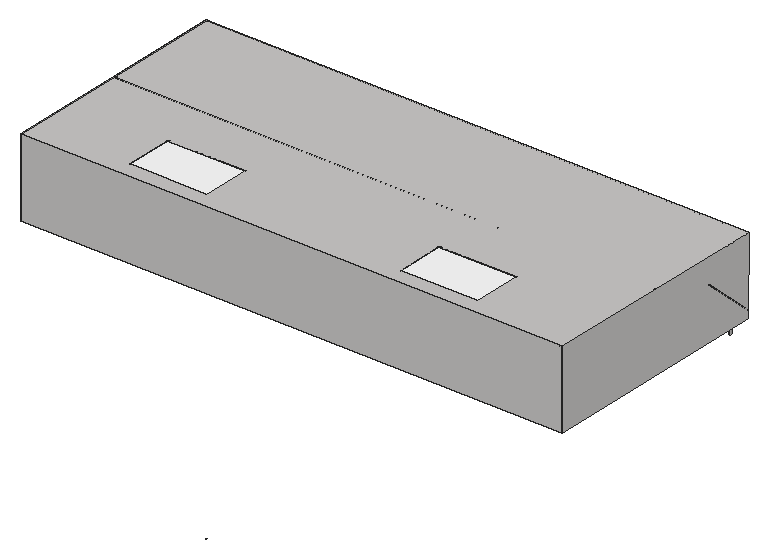
Revit family "QF_ELECTROLUXPROFESSIONAL_640192_EPF1228", category Attrezzature speciali, Revit 2021
Family settings
  Quota connettore circolare = Usa diametro
  Tipo di parte = Normale
  Basato su piano di lavoro = No
  Sempre verticale = Sì
  Taglio con vuoti quando caricato = No
  Condiviso = No
  Punto di calcolo locali = No
Parameters (values of type "Standard")
  Weight = 66.00 kg
  Watts = 0 W
  Volts = 0 V
  URL Manufacturer = "https://www.electroluxprofessional.com/"
  URL = "https://www.electroluxprofessional.com/"
  Steam Supply Size = 0 mm
  Steam Supply Minimum Pressure = 0.0 Pa
  Steam Supply Maximum Pressure = 0.0 Pa
  Steam Consumption per Hour = 0
  Refrigeration Suction Line Size = 0 mm
  Refrigeration Liquid Line Size = 0 mm
  Refrigerant Compressor Remote = yes
  Prospetto di default = 0 mm
  Produttore = "Electrolux Professional"
  Phase = 0
  Modello = "EPF1228"
  Length Actual = 2800 mm  # constant formula
  Item Number = "640192"
  Hot Water Size = 0 mm
  Height Actual = 400 mm  # constant formula
  HP = "0 HP"
  Gas Size = 0 mm
  Gas KW = 0
  Gas Input Pressure = 0 W
  Direct Waste Size = 0 mm
  Descrizione = "304 S/S WALL HOOD+FILTERS 280X120 CM"
  Depth Actual = 1200 mm  # constant formula
  Cycle = 0 Hz
  Condensate Return Size = 0 mm
  Compressed Air Volume = 0.0 L/s
  Compressed Air Size = 0 mm
  Compressed Air Pressure = 0.0 Pa
  Cold Water Size = 0 mm
  Accessory = yes
Reference planes
  plane 1: z = 0
  plane 2 "Center (Left/Right)": x = 150
  plane 3 "LEFT": x = -1250
  plane 4 "RIGHT": x = 1550
  plane 5 "BACK": y = 550
  plane 6 "TOP": z = 2400
  plane 7 "Base": z = 2000
  plane 8: z = 1970
  plane 9 "DrainY": y = 450
  plane 10: x = -1247
  plane 11: y = -320
  plane 12: y = -570
  plane 13 "DrainX": x = 1537
  plane 14 "AOLeft2": x = -350
  plane 15 "AORight1": x = 650
  plane 16: x = 1547
  plane 17: x = -1050
  plane 18: x = 1350
  plane 19 "Center (Front/Back)": y = -50
  plane 20 "Front": y = -650
  plane 21: through (0, -49.6, 2399.19) normal (0, -0.5736, 0.8192)
  plane 22: x = 50
  plane 23: x = 250
  plane 24 "AOLeft1": x = -750
  plane 25 "AORight2": x = 1050
Forms (mm)
  Extrusion 1, solid, material "QF_Finishes_Stainless Steel"
    sketch origin (-1250, 0, 360) x (0, 1, 0) y (0, 0, 1)
      loop
        line (550, 1640) -> (550, 2040) -> (-650, 2040) -> (-650, 1640) -> (550, 1640)
    from 0 to 3
  Extrusion 2, solid, material "QF_Finishes_Stainless Steel"
    sketch origin (1550, 0, 360) x (0, 1, 0) y (0, 0, 1)
      loop
        line (550, 1640) -> (550, 2040) -> (-650, 2040) -> (-650, 1640) -> (550, 1640)
    from 0 to -3
  Extrusion 3, solid, material "QF_Finishes_Stainless Steel"
    sketch origin (150, 0, 360) x (0, 1, 0) y (0, 0, 1)
      loop
        line (-650, 2040) -> (-650, 1640) -> (-640, 1640) -> (-640, 1640.8) -> (-649.2, 1640.8) -> (-649.2, 2039.19) -> (549.2, 2039.19) -> (549.2, 1640.8) -> (540, 1640.8) -> (540, 1640) -> (550, 1640) -> (550, 2040) -> (-650, 2040)
    from -1400 to 1400
  Extrusion 4, solid, material "QF_Finishes_Stainless Steel"
    sketch origin (0, 0, 2000) x (0, 1, 0) y (-1, 0, 0)
      loop
        circle (450, -1537) r 4.763
    from -30 to 0
  Extrusion 5, void
    sketch origin (0, 0, 2400) x (0, 1, 0) y (-1, 0, 0)
      loop
        line (-320, 350) -> (-320, 750) -> (-570, 750) -> (-570, 350) -> (-320, 350)
    from 0 to -10
  Extrusion 6, solid, material "QF_Finishes_Stainless Steel"
    sketch origin (0, 0, 0) x (1, 0, 0) y (0, 1, 0)
      loop
        line (-1250, 550) -> (-1250, 549) -> (-1249, 549) -> (-1249, 550) -> (-1250, 550)
    from 0 to 1
  Extrusion 7, solid, material "QF_Finishes_Stainless Steel"
    sketch origin (150, 0, 360) x (0, 1, 0) y (0, 0, 1)
      loop
        line (-131.515, 1981.832) -> (-134.381, 1985.926) -> (-573.276, 1678.608) -> (-570.553, 1674.415) -> (-131.515, 1981.832)
    from -1200 to -1397
  Extrusion 8, solid, material "QF_Finishes_Stainless Steel"
    sketch origin (150, 0, 360) x (0, 1, 0) y (0, 0, 1)
      loop
        line (-650, 2039.19) -> (-650, 1640) -> (-619.702, 1640) -> (-570.553, 1674.415) -> (-578.723, 1686.995) -> (-579.394, 1686.559) -> (-571.645, 1674.627) -> (-619.955, 1640.8) -> (-649.2, 1640.8) -> (-649.2, 2039.19) -> (-650, 2039.19)
      loop
        line (-49.6, 2039.19) -> (-50.995, 2039.19) -> (-131.319, 1982.947) -> (-139.464, 1994.578) -> (-140.119, 1994.12) -> (-131.515, 1981.832) -> (-49.6, 2039.19)
    from -1397 to 1397
  Extrusion 9, solid, material "QF_Finishes_Stainless Steel"
    sketch origin (150, 0, 360) x (0, 1, 0) y (0, 0, 1)
      loop
        line (-131.515, 1981.832) -> (-134.381, 1985.926) -> (-573.276, 1678.608) -> (-570.553, 1674.415) -> (-131.515, 1981.832)
    from 1397 to 1200
  Extrusion 10, solid, material "QF_Finishes_Stainless Steel"
    sketch origin (150, 0, 360) x (0, 1, 0) y (0, 0, 1)
      loop
        line (-131.515, 1981.832) -> (-134.381, 1985.926) -> (-573.276, 1678.608) -> (-570.553, 1674.415) -> (-131.515, 1981.832)
    from -100 to 100
  Extrusion 11, solid, material "QF_Finished_Chrome"
    sketch origin (150, 0, 360) x (0, 1, 0) y (0, 0, 1)
      loop
        line (-131.515, 1981.832) -> (-134.381, 1985.926) -> (-573.276, 1678.608) -> (-570.553, 1674.415) -> (-131.515, 1981.832)
    from -1200 to -100
  Extrusion 12, solid, material "QF_Finished_Chrome"
    sketch origin (150, 0, 360) x (0, 1, 0) y (0, 0, 1)
      loop
        line (-131.515, 1981.832) -> (-134.381, 1985.926) -> (-573.276, 1678.608) -> (-570.553, 1674.415) -> (-131.515, 1981.832)
    from 100 to 1200
  Sweep 13, solid, material "QF_Finishes_Stainless Steel"
    path origin (0, 0, 0) x (1, 0, 0) y (0, 1, 0)
      loop
        line (1550, 550) -> (-1250, 550) -> (-1250, -650) -> (1550, -650) -> (1550, 550)
    profile origin (1550, -50, 0) x (1, 0, 0) y (0, 0, 1)
      loop
        line (-3, 2000) -> (-3, 2000.8) -> (-19, 2000.8) -> (-19, 2010) -> (-20, 2010) -> (-20, 2000) -> (-3, 2000)
  Extrusion 14, solid, material "QF_Finishes_Stainless Steel"
    sketch origin (150, 0, 0) x (0, 1, 0) y (0, 0, 1)
      loop
        line (549.2, 2040.8) -> (549.2, 2041.877) -> (289.521, 2275.693) -> (-43.438, 2399.19) -> (-45.739, 2399.19) -> (289.099, 2274.996) -> (549.2, 2040.8)
    from -1397 to 1397
  Extrusion 15, void
    sketch origin (1134.605, 0, 2400) x (0, 1, 0) y (-1, 0, 0)
      loop
        line (-320, 84.605) -> (-320, 484.605) -> (-570, 484.605) -> (-570, 84.605) -> (-320, 84.605)
    from 0 to -10
Cuts and joins
  Extrusion 5, Extrusion 15 cuts Extrusion 3
  joined: Extrusion 2, Extrusion 3, Sweep 13
Lines and regions (mm)
  symbolic lines, style "SpecialityEquipment", detail levels coarse
    curve 1: line (1550, 550, 2400) -> (-1250, 550, 2400)
    curve 2: line (-1250, 550, 2400) -> (-1250, -650, 2400)
    curve 3: line (1550, -650, 2400) -> (1550, 550, 2400)
    curve 4: line (-1250, 550, 0) -> (1550, -650, 0)
    curve 5: line (1550, 550, 0) -> (-1250, -650, 0)
    curve 6: line (-1250, -650, 0) -> (1550, -650, 0)
    curve 7: line (-350, -320, 0) -> (-750, -320, 0)
    curve 8: line (-350, -570, 0) -> (-350, -320, 0)
    curve 9: line (-750, -570, 0) -> (-350, -570, 0)
    curve 10: line (-750, -320, 0) -> (-750, -570, 0)
    curve 11: line (650, -320, 0) -> (650, -570, 0)
    curve 12: line (1050, -320, 0) -> (650, -320, 0)
    curve 13: line (1050, -570, 0) -> (1050, -320, 0)
    curve 14: line (650, -570, 0) -> (1050, -570, 0)
Dimensions and locks
  plane 3 "LEFT" to plane 4 "RIGHT" = 2800 mm
  equal spacing: plane 3 "LEFT", plane 2 "Center (Left/Right)", plane 4 "RIGHT"
  plane 7 "Base" to plane 8 = 30 mm
  plane 5 "BACK" to plane 9 "DrainY" = 100 mm  (x2)
  plane 3 "LEFT" to plane 10 = 3 mm
  plane 13 "DrainX" to plane 4 "RIGHT" = 13 mm
  plane 16 to plane 4 "RIGHT" = 3 mm
  plane 3 "LEFT" to plane 17 = 200 mm
  plane 18 to plane 4 "RIGHT" = 200 mm
  locked: plane 14 "AOLeft2" to plane 15 "AORight1" at 1000
  equal spacing: plane 14 "AOLeft2", plane 2 "Center (Left/Right)", plane 15 "AORight1"
  locked: plane 7 "Base" to level at 2000
  locked: plane 6 "TOP" to plane 7 "Base" at 400
  plane 5 "BACK" to plane 20 "Front" = 1200 mm  (x2)
  equal spacing: plane 5 "BACK", plane 19 "Center (Front/Back)", plane 20 "Front"
  locked: plane 22 to plane 23 at 200
  equal spacing: plane 22, plane 2 "Center (Left/Right)", plane 23
  plane 12 to plane 20 "Front" = 80 mm
  locked: plane 11 to plane 12 at 250
  locked: plane 24 "AOLeft1" to plane 14 "AOLeft2" at 400
  locked: plane 15 "AORight1" to plane 25 "AORight2" at 400
  aligned and locked: level to plane 1
  aligned and locked: plane 4 "RIGHT" to Extrusion 3
  aligned and locked: Extrusion 3 to plane 3 "LEFT"
  aligned and locked: Extrusion 5 to plane 12
  aligned and locked: Extrusion 5 to plane 11
  aligned and locked: Extrusion 7 to plane 10
  aligned and locked: Extrusion 7 to plane 17
  aligned and locked: Extrusion 2 to plane 16
  aligned and locked: plane 16 to Extrusion 9
  aligned and locked: plane 18 to Extrusion 9
  aligned and locked: plane 23 to Extrusion 10
  aligned and locked: Extrusion 10 to plane 22
  aligned and locked: plane 22 to Extrusion 11
  aligned and locked: Extrusion 11 to plane 17
  aligned and locked: Extrusion 12 to plane 23
  aligned and locked: Extrusion 12 to plane 18
  aligned and locked: Extrusion 14 to plane 10
  aligned and locked: plane 16 to Extrusion 14
  aligned and locked: Extrusion 8 to plane 10
  aligned and locked: plane 16 to Extrusion 8
  aligned and locked: Extrusion 5 to plane 24 "AOLeft1"
  aligned and locked: Extrusion 5 to plane 14 "AOLeft2"
  aligned and locked: plane 25 "AORight2" to Extrusion 15
  aligned and locked: plane 15 "AORight1" to Extrusion 15
Automatic sketch dimensions
  Extrusion 1 sketch curve to plane 7 "Base" = 0 mm
  Extrusion 1 sketch curve to plane 20 "Front" = 0 mm
  Extrusion 1 sketch curve to plane 5 "BACK" = 0 mm
  Extrusion 1 sketch curve to plane 6 "TOP" = 0 mm
  Extrusion 2 sketch curve to plane 7 "Base" = 0 mm
  Extrusion 2 sketch curve to plane 20 "Front" = 0 mm
  Extrusion 2 sketch curve to plane 5 "BACK" = 0 mm
  Extrusion 2 sketch curve to plane 6 "TOP" = 0 mm
  Extrusion 3 sketch curve to plane 6 "TOP" = 0 mm
  Extrusion 3 sketch curve to plane 20 "Front" = 0 mm
  Extrusion 3 sketch curve to plane 7 "Base" = 0 mm  (x2)
  Extrusion 3 sketch curve to plane 5 "BACK" = 0 mm
  plane 20 "Front" to Extrusion 3 sketch curve = 0.8 mm
  Extrusion 3 sketch curve to Extrusion 3 sketch curve = 9.2 mm
  plane 7 "Base" to Extrusion 3 sketch curve = 0.8 mm  (x2)
  Extrusion 3 sketch curve to plane 5 "BACK" = 10 mm
  Extrusion 3 sketch curve to plane 5 "BACK" = 0.8 mm
  Extrusion 3 sketch curve to plane 6 "TOP" = 0.81 mm
  Extrusion 4 sketch curve to plane 9 "DrainY" = 0 mm
  Extrusion 4 sketch curve to plane 13 "DrainX" = 0 mm
  Extrusion 5 sketch curve to plane 12 = 0 mm
  plane 11 to Extrusion 5 sketch curve = 0 mm
  Extrusion 5 sketch curve to plane 14 "AOLeft2" = 0 mm
  Extrusion 5 sketch curve to plane 24 "AOLeft1" = 0 mm
  Extrusion 6 sketch curve to plane 3 "LEFT" = 0 mm
  Extrusion 6 sketch curve to plane 5 "BACK" = 0 mm
  plane 3 "LEFT" to Extrusion 6 sketch curve = 1 mm
  Extrusion 6 sketch curve to Extrusion 6 sketch curve = 1 mm
  Extrusion 7 sketch curve to plane 21 = 0 mm  (x2)
  Extrusion 7 sketch curve to plane 12 = 3.276 mm
  Extrusion 7 sketch curve to plane 12 = 0.553 mm
  Extrusion 7 sketch curve to plane 6 "TOP" = 54.074 mm
  Extrusion 7 sketch curve to plane 19 "Center (Front/Back)" = 84.381 mm
  Extrusion 8 sketch curve to plane 20 "Front" = 0 mm
  Extrusion 8 sketch curve to plane 7 "Base" = 0 mm
  Extrusion 8 sketch curve to plane 21 = 0 mm  (x4)
  plane 20 "Front" to Extrusion 8 sketch curve = 0.8 mm
  Extrusion 8 sketch curve to Extrusion 8 sketch curve = 0.252 mm
  Extrusion 8 sketch curve to plane 12 = 9.394 mm
  Extrusion 8 sketch curve to Extrusion 8 sketch curve = 0.671 mm
  Extrusion 8 sketch curve to plane 12 = 1.645 mm
  Extrusion 8 sketch curve to plane 12 = 0.553 mm
  Extrusion 8 sketch curve to plane 6 "TOP" = 45.88 mm
  Extrusion 8 sketch curve to plane 19 "Center (Front/Back)" = 90.119 mm
  Extrusion 8 sketch curve to plane 6 "TOP" = 45.422 mm
  Extrusion 8 sketch curve to plane 6 "TOP" = 57.053 mm
  Extrusion 8 sketch curve to plane 6 "TOP" = 0.81 mm  (x2)
  plane 7 "Base" to Extrusion 8 sketch curve = 0.8 mm
  Extrusion 8 sketch curve to Extrusion 8 sketch curve = 0.212 mm
  Extrusion 9 sketch curve to plane 21 = 0 mm  (x2)
  Extrusion 9 sketch curve to plane 12 = 3.276 mm
  Extrusion 9 sketch curve to plane 12 = 0.553 mm
  Extrusion 9 sketch curve to plane 6 "TOP" = 54.074 mm
  Extrusion 9 sketch curve to plane 19 "Center (Front/Back)" = 84.381 mm
  Extrusion 10 sketch curve to plane 21 = 0 mm  (x2)
  Extrusion 10 sketch curve to plane 12 = 3.276 mm
  Extrusion 10 sketch curve to plane 12 = 0.553 mm
  Extrusion 10 sketch curve to plane 6 "TOP" = 54.074 mm
  Extrusion 10 sketch curve to plane 19 "Center (Front/Back)" = 84.381 mm
  Extrusion 11 sketch curve to plane 21 = 0 mm  (x2)
  Extrusion 11 sketch curve to plane 12 = 3.276 mm
  Extrusion 11 sketch curve to plane 12 = 0.553 mm
  Extrusion 11 sketch curve to plane 6 "TOP" = 54.074 mm
  Extrusion 11 sketch curve to plane 19 "Center (Front/Back)" = 84.381 mm
  Extrusion 12 sketch curve to plane 21 = 0 mm  (x2)
  Extrusion 12 sketch curve to plane 12 = 3.276 mm
  Extrusion 12 sketch curve to plane 12 = 0.553 mm
  Extrusion 12 sketch curve to plane 6 "TOP" = 54.074 mm
  Extrusion 12 sketch curve to plane 19 "Center (Front/Back)" = 84.381 mm
  Sweep 13 sketch curve to plane 3 "LEFT" = 0 mm
  Sweep 13 sketch curve to plane 4 "RIGHT" = 0 mm
  Sweep 13 sketch curve to plane 20 "Front" = 0 mm
  Sweep 13 sketch curve to plane 5 "BACK" = 0 mm
  profile plane to Sweep 13 sketch curve = 20 mm
  Sweep 13 sketch curve to Sweep 13 sketch curve = 1 mm
  profile plane to Sweep 13 sketch curve = 3 mm
  level to Sweep 13 sketch curve = 2000 mm
  Sweep 13 sketch curve to Sweep 13 sketch curve = 0.8 mm
  Sweep 13 sketch curve to Sweep 13 sketch curve = 9.2 mm
  Extrusion 14 sketch curve to plane 6 "TOP" = 0.81 mm  (x2)
  plane 19 "Center (Front/Back)" to Extrusion 14 sketch curve = 6.562 mm
  Extrusion 14 sketch curve to plane 9 "DrainY" = 160.901 mm
  Extrusion 14 sketch curve to Extrusion 14 sketch curve = 0.422 mm
  Extrusion 14 sketch curve to plane 5 "BACK" = 0.8 mm
  Extrusion 14 sketch curve to plane 6 "TOP" = 124.307 mm
  Extrusion 14 sketch curve to Extrusion 14 sketch curve = 0.697 mm
  plane 7 "Base" to Extrusion 14 sketch curve = 41.877 mm
  Extrusion 14 sketch curve to Extrusion 14 sketch curve = 1.077 mm
  Extrusion 14 sketch curve to Extrusion 14 sketch curve = 2.3 mm
  Extrusion 15 sketch curve to plane 12 = 0 mm
  plane 11 to Extrusion 15 sketch curve = 0 mm
  Extrusion 15 sketch curve to plane 15 "AORight1" = 400 mm
  plane 23 to Extrusion 15 sketch curve = 400 mm
  curve 5 to plane 3 "LEFT" = 0 mm
  curve 4 to plane 3 "LEFT" = 0 mm
  curve 6 to plane 20 "Front" = 0 mm
  curve 5 to plane 4 "RIGHT" = 0 mm
  curve 6 to plane 4 "RIGHT" = 0 mm
  curve 5 to plane 5 "BACK" = 0 mm
  curve 4 to plane 5 "BACK" = 0 mm
  curve 2 to plane 3 "LEFT" = 0 mm
  curve 2 to plane 20 "Front" = 0 mm
  curve 3 to plane 4 "RIGHT" = 0 mm
  curve 3 to plane 20 "Front" = 0 mm
  curve 2 to plane 5 "BACK" = 0 mm
  plane 11 to curve 7 = 0 mm
  curve 7 to plane 24 "AOLeft1" = 0 mm
  curve 8 to plane 12 = 0 mm
  curve 8 to plane 14 "AOLeft2" = 0 mm
  plane 11 to curve 11 = 0 mm
  curve 11 to plane 15 "AORight1" = 0 mm
  curve 12 to plane 25 "AORight2" = 0 mm
  curve 13 to plane 12 = 0 mm
  radius of Extrusion 4 sketch curve = 4.763 mm
Connectors
  piping at (1537, 450, 1970), diameter 9.5
    settings: on Extrusion 4, index 1, connector inside diameter 609.6 mm, connector length 0 mm, flow factor 0, pipe flow 0.0 L/s, pressure drop 0.0 Pa, fitting loss kfactor 0, connector angle 0.00°, fixture units 0, engagement length 0 mm, angle of deflection 0.00°, flow configuration 1, flow direction 2, fitting loss method 0, system type 16, joint type 0, gender type 0, connector reference index -1, connector utility 0, adjustable connector no, is connector primary yes, connector description "Drain"
  hvac at (-550, -445, 2400)
    settings: on Extrusion 5, index 2, duct flow 0.0 L/s, flow factor 0, pres drop 0.0 Pa, loss coef 0, conn angle 0.00°, conn width 250 mm, conn height 400 mm, conn diameter 609.6 mm, duct sys type 3, conn prof type 1, flow config 1, flow direction 2, loss method 0, conn ref index -1, conn util no, is conn primary yes, conn desc "EXHAUST OUTLET"
  hvac at (850, -445, 2400)
    settings: on Extrusion 15, index 3, duct flow 0.0 L/s, flow factor 0, pres drop 0.0 Pa, loss coef 0, conn angle 0.00°, conn width 250 mm, conn height 400 mm, conn diameter 609.6 mm, duct sys type 3, conn prof type 1, flow config 1, flow direction 2, loss method 0, conn ref index -1, conn util no, is conn primary no, conn desc "EXHAUST OUTLET"
